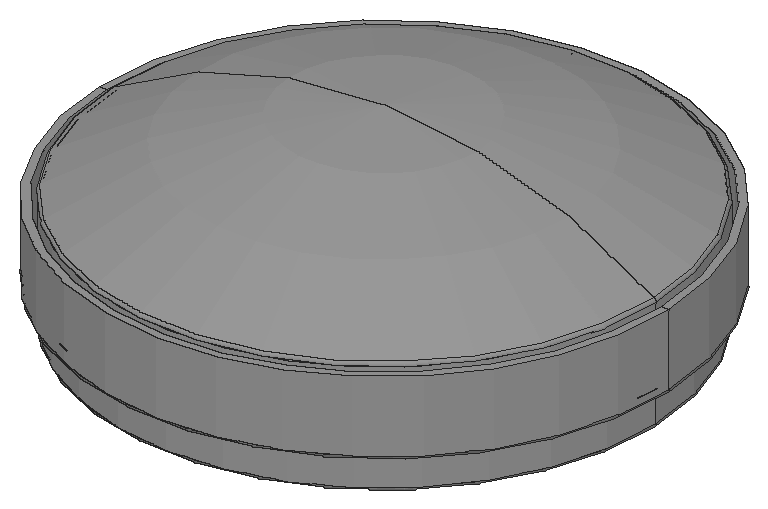
Revit family "3034791 Sylvania Lighting Fixture GIOTTO305 LED G2 3000K RECESSED DALI EMERGENCY", category Lighting Fixtures, host Face, Revit 2016
Family settings
  Host = Face
  Part Type = Normal
  Round Connector Dimension = Use Diameter
  OmniClass Number = 23.80.70.00
  OmniClass Title = Lighting
  Cut with Voids When Loaded = No
  Light Source = Yes
  Shared = No
  Room Calculation Point = No
Parameters (values of type "3034791 GIOTTO305 LED G2 3000K RECESSED DALI EMERGENCY Emergency mode")
  Weight = "1.41 kg"
  Wattage Comments = ""
  Wattage = 20 W
  WarrantyStartDate [instance] = "n/a"
  WarrantyGuarantorParts = "n/a"
  WarrantyDurationUnit = "n/a"
  WarrantyDurationParts = "n/a"
  WarrantyDescription = "n/a"
  built-in parameter 1150110 = 1 (stored number, unit not read)
  Voltage = 0 V
  URL = "http://www.sylvania-lighting.com"
  TypeName = "GIOTTO305 LED G2 3000K RECESSED DALI EMERGENCY Emergency mode"
  Type Image = <None>
  Type Comments = "n/a"
  built-in parameter 1114217 = 1 (stored number, unit not read)
  Tilt Angle = -90.00°
  built-in parameter 1150109 = 1 (stored number, unit not read)
  built-in parameter 1150134 = (empty or 0)
  built-in parameter 1150113 = 1 (stored number, unit not read)
  SerialNumber [instance] = "n/a"
  Photometric Web File = "3034791EM.ies"
  Material_3_SYL = LED-Sylvania
  PowerFactor = 0
  PowerConsumption = "20 W"
  NominalLength = 305 mm
  NominalHeight = 104 mm
  NominalDepth = 305 mm
  Name = "GIOTTO305 LED G2 3000K RECESSED DALI EMERGENCY Emergency mode"
  ModelReference = Name  # "GIOTTO305 LED G2 3000K RECESSED DALI EMERGENCY Emergency mode"
  ModelNumber = "3034791"
  Model = Name  # "GIOTTO305 LED G2 3000K RECESSED DALI EMERGENCY Emergency mode"
  Material = "polycarbonate housing, polycarbonate diffuser"
  ManufacturerName = "Feilo Sylvania"
  Manufacturer = "Feilo Sylvania"
  LuminousEfficacy = "5.1 lm/W"
  built-in parameter 1150105 = 8.1169 (stored number, unit not read)
  Lumens = 102 lm
  LuminaireType = ""
  built-in parameter 1150115 = 1 (stored number, unit not read)
  LightOutputRatio = "n/a"
  built-in parameter 1150137 = (empty or 0)
  built-in parameter 1150139 = (empty or 0)
  LampsType = Lamp  # "LED"
  LampNominalLuminous = "102 lm"
  LampMacAdamStep = "n/a"
  LampColourTemperature = "3000 K"
  LampColourRenderingIndex = "80"
  built-in parameter 1150112 = 1 (stored number, unit not read)
  built-in parameter 1150114 = 1 (stored number, unit not read)
  Lamp = "LED"
  Keynote = "16500"
  InstallationDate [instance] = "n/a"
  InputVoltage = "n/a"
  InputNominalFrequency = "n/a"
  built-in parameter 1150132 = (empty or 0)
  built-in parameter 1150102 = (empty or 0)
  built-in parameter 1150107 = 3000 (stored number, unit not read)
  built-in parameter 1150138 = (empty or 0)
  IngressProtection = "IP44"
  ImpactProtectionIndex = "IK10"
  built-in parameter 1150106 = 0.081169 (stored number, unit not read)
  IfcExportType = "IfcLightFixtureType"
  IfcExportAs = "IfcLightFixtureType"
  Height_SYL = 104 mm
  ExpectedLife = 50000
  Emit from Circle Diameter = 317 mm
  Emit Shape Visible in Rendering = no
  ElectricShockClassification = "Class I"
  built-in parameter 1150104 = 0.47381 (stored number, unit not read)
  DurationUnit = "hours"
  DocumentationLiterature = "http://www.sylvania-lighting.com/product/en-int/products/3034791"
  DimmingControlOptions = "n/a"
  Material_2_SYL = Polycarbonate_Sylvania_Giotto_Opal
  Dimming Lamp Color Temperature Shift = <None>
  DiffuserRadius_SYL = 282.611 mm
  Diameter_SYL = 305 mm
  Description = "Ambient and decorative round, recessed mounted LED bulkhead luminaire. White robust polycarbonate body with opal diffuser, 1490 lm, 20W, 75lm/W, 3000K, CRI 80, DALI, integral 3 hour maintained emergency, 50,000 hours lumen maintenance. Drive current: 700mA, IP44, IK10, Class I, 220-240V, Energy class: A++, A+, A."
  Default Elevation = 1219.2 mm
  CreatedOn = "11/7/2018"
  CreatedBy = "@sylvania-lighting.com"
  Cost = 0
  Color Filter = 16777215
  built-in parameter 1114216 [instance] = (empty or 0)
  ClassificationValue = "EF_70_80"
  ClassificationName = "Uniclass2015"
  Material_1_SYL = Polycarbonate_Sylvania_Giotto_White
  BarCode [instance] = "n/a"
  built-in parameter 1114218 = 1 (stored number, unit not read)
  built-in parameter 1150133 = 10 (stored number, unit not read)
  AssetType = "Fixed"
  AssetIdentifier [instance] = "n/a"
  Assembly Code = "D5020200"
  Apparent Load = 20 VA
  Material_4_SYL = none
Types (2, lengths in mm): name | TypeName | Photometric Web File | Name | ModelReference | Model | LuminousEfficacy | built-in parameter 1150105 | Lumens | LampNominalLuminous | built-in parameter 1150106 | built-in parameter 1150104
  3034791 GIOTTO305 LED G2 3000K RECESSED DALI EMERGENCY Emergency mode | "GIOTTO305 LED G2 3000K RECESSED DALI EMERGENCY Emergency mode" | "3034791EM.ies" | "GIOTTO305 LED G2 3000K RECESSED DALI EMERGENCY Emergency mode" | "GIOTTO305 LED G2 3000K RECESSED DALI EMERGENCY Emergency mode" | "GIOTTO305 LED G2 3000K RECESSED DALI EMERGENCY Emergency mode" | "5.1 lm/W" | 8.1169 (stored number, unit not read) | 102 lm | "102 lm" | 0.081169 (stored number, unit not read) | 0.47381 (stored number, unit not read)
  3034791 GIOTTO305 LED G2 3000K RECESSED DALI EMERGENCY | "GIOTTO305 LED G2 3000K RECESSED DALI EMERGENCY" | "3034791.ies" | "GIOTTO305 LED G2 3000K RECESSED DALI EMERGENCY" | "GIOTTO305 LED G2 3000K RECESSED DALI EMERGENCY" | "GIOTTO305 LED G2 3000K RECESSED DALI EMERGENCY" | "75 lm/W" | 119.37 (stored number, unit not read) | 1500 lm | "1490 lm" | 1.1937 (stored number, unit not read) | 6.9677 (stored number, unit not read)
Reference planes
  plane 1 "Center (Front/Back)": y = 0
  plane 2: z = 0
  plane 3 "Center (Left/Right)": x = 0
  plane 4: x = 152.5
  plane 5: x = -152.5
  plane 6: x = -145.5
  plane 7: x = -148.5
  plane 8: z = 104
  plane 9: z = 59
  plane 10: z = 19
  plane 11: z = 24
  plane 12: x = -150.9
  plane 13: z = 20.6
  plane 14: z = 1.6
  plane 15: x = -143.9
  plane 16: z = 18
  plane 17: x = -146.5
  plane 18: z = 25
  plane 19: z = 61
Forms (mm)
  Revolve 1, solid, material "Polycarbonate_Sylvania_Giotto_White" <- "Material_1_SYL"
    sketch origin (0, 0, 0) x (1, 0, 0) y (0, 0, 1)
      loop
        line (0, 0) -> (0, 25) -> (-143.9, 25) -> (-143.9, 24) -> (-148.5, 24) -> (-148.5, 59) -> (-152.5, 59) -> (-152.5, 20.6)
        arc (-152.5, 20.6) -> (-152.031, 19.469) -> (-150.9, 19) r 1.6
        line (-150.9, 19) -> (-146.5, 19)
        arc (-146.5, 19) -> (-145.793, 18.707) -> (-145.5, 18) r 1
        line (-145.5, 18) -> (-145.5, 1.6)
        arc (-145.5, 1.6) -> (-145.031, 0.469) -> (-143.9, 0) r 1.6
        line (-143.9, 0) -> (0, 0)
      axis (0, 59) -> (0, 0)
    angle from 360 to 0
  Revolve 2, solid, material "Polycarbonate_Sylvania_Giotto_Opal" <- "Material_2_SYL"
    sketch origin (0, 0, 0) x (1, 0, 0) y (0, 0, 1)
      loop
        line (-145.5, 24) -> (-143.9, 24) -> (-143.9, 59.636)
        arc (-143.9, 59.636) -> (-143.79, 60.068) -> (-143.485, 60.394) r 0.9
        arc (-143.485, 60.394) -> (-74.754, 91.683) -> (0, 102.4) r 266.066
        line (0, 102.4) -> (0, 104)
        arc (0, 104) -> (-75.203, 93.218) -> (-144.348, 61.742) r 267.666
        arc (-144.348, 61.742) -> (-145.193, 60.836) -> (-145.5, 59.636) r 2.5
        line (-145.5, 59.636) -> (-145.5, 24)
      axis (0, 104) -> (0, 24)
    angle from 360 to 0
Dimensions and locks
  equal spacing: plane 4, plane 3 "Center (Left/Right)", plane 5
  "Diameter_SYL": plane 4 to plane 5
  locked: plane 6 to plane 5 at 7
  locked: plane 7 to plane 5 at 4
  "Height_SYL": plane 8 to plane 2
  locked: plane 8 to plane 9 at 45
  locked: plane 9 to plane 10 at 40
  Revolve 1 sketch curve to Revolve 1 sketch curve = 4.4 mm
  locked: plane 11 to plane 10 at 5
  locked: plane 12 to plane 5 at 1.6
  locked: plane 13 to plane 10 at 1.6
  locked: plane 14 to plane 2 at 1.6
  locked: plane 15 to plane 6 at 1.6
  locked: plane 6 to plane 17 at 1
  locked: plane 10 to plane 16 at 1
  locked: plane 18 to plane 11 at 1
  locked: plane 19 to plane 9 at 2
  aligned and locked: plane 2 to host face
  aligned and locked: level to host face
  aligned and locked: Revolve 1 sketch curve to plane 3 "Center (Left/Right)"
  aligned and locked: level to Revolve 1 sketch curve
  aligned and locked: Revolve 1 sketch curve to plane 10
  aligned and locked: plane 9 to Revolve 1 sketch curve
  aligned and locked: Revolve 1 sketch curve to plane 7
  aligned and locked: plane 12 to Revolve 1 sketch curve  (x2)
  aligned and locked: plane 13 to Revolve 1 sketch curve  (x2)
  aligned and locked: plane 15 to Revolve 1 sketch curve  (x3)
  aligned and locked: plane 14 to Revolve 1 sketch curve  (x2)
  aligned and locked: plane 3 "Center (Left/Right)" to imposter light
  aligned and locked: imposter light to plane 1 "Center (Front/Back)"
  aligned and locked: plane 18 to Revolve 1 sketch curve
  aligned and locked: plane 11 to Revolve 1 sketch curve
  aligned and locked: imposter light to plane 8
  aligned and locked: plane 6 to Revolve 1 sketch curve
  aligned and locked: plane 17 to Revolve 1 sketch curve
  aligned and locked: plane 16 to Revolve 1 sketch curve
  aligned and locked: Revolve 2 sketch curve to plane 3 "Center (Left/Right)"
  aligned and locked: plane 6 to Revolve 2 sketch curve
  aligned and locked: plane 3 "Center (Left/Right)" to Revolve 2 sketch curve
  aligned and locked: plane 11 to Revolve 2 sketch curve
  aligned and locked: Revolve 2 sketch curve to imposter light
Automatic sketch dimensions
  host sketch curve to host sketch curve = 2438.4 mm  (x2)
  Revolve 1 sketch curve to plane 3 "Center (Left/Right)" = 0 mm
  Revolve 1 sketch curve to level = 609.6 mm
  Revolve 1 sketch curve to plane 8 = 2499.058 mm
  Revolve 2 sketch curve to Revolve 2 sketch curve = 0 mm  (x4)
  Revolve 2 sketch curve to plane 15 = 0 mm
  Revolve 2 sketch curve to plane 8 = 0 mm
  plane 15 to Revolve 2 sketch curve = 0.9 mm
  Revolve 2 sketch curve to level = 163.666 mm
  Revolve 2 sketch curve to plane 9 = 0.636 mm
  Revolve 2 sketch curve to Revolve 2 sketch curve = 445.934 mm
  Revolve 2 sketch curve to plane 8 = 2505.058 mm
Connectors
  electrical at (0, 0, 0), driven by "Apparent Load", driven by "PowerFactor", driven by "Voltage"
    settings: index 1, voltage 0 V, apparent load 20 VA, apparent load phase1 0 VA, apparent load phase2 0 VA, apparent load phase3 0 VA, power factor 0, load classification "Lighting", number of poles 1, system type 30, power factor state 1, is connector primary yes, connector utility no, sub classification motor no, connector description ""
